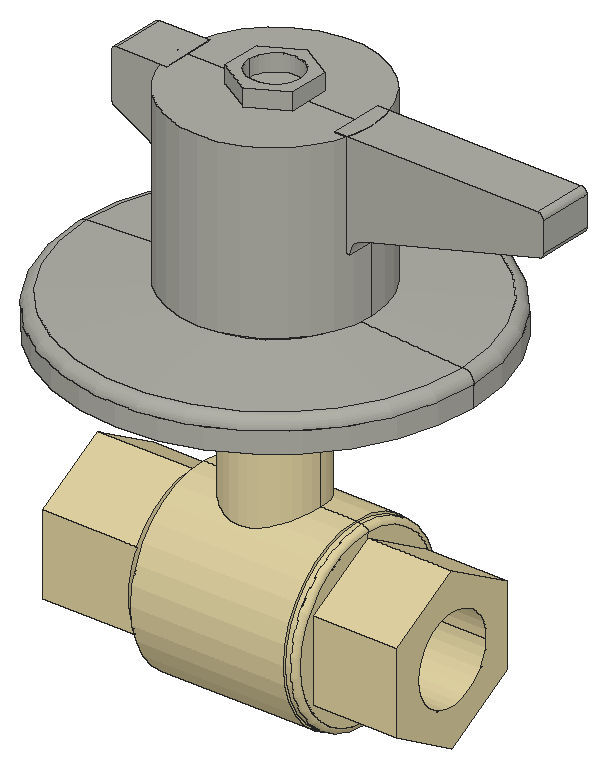
Revit family "QP06100000", category Apparecchi idraulici, Revit 2020
Family settings
  Quota connettore circolare = Usa diametro
  Tipo di parte = Normale
  Numero OmniClass = 23.45.00.00
  Titolo OmniClass = Sanitary, Laundry, and Cleaning Equipment
  Basato su piano di lavoro = No
  Sempre verticale = Sì
  Taglio con vuoti quando caricato = No
  Condiviso = No
  Punto di calcolo locali = No
Parameters
  URL = "https://web.cimberio.com/index.php/figura/290?subcategoria_id=95758"
  Temperatura di esercizio = "-20 ÷ 60°C"
  Prospetto di default = 0 mm
  Produttore = "CIMBERIO SPA"
  Pressione nominale = "MOP 5"
  Modello = "Cim 28G"
  Materiale = "Prodotto in lega di ottone conforme alla norma EN 12165-CW617N-DW"
  Descrizione = "Utilizzato nell’impiantistica distributiva di gas a bassa pressione per le categorie:\r\nGas naturali: gas derivati dal petrolio (Metano) e gas di ricambio.\r\nGas di città: prodotti secondo i diversi procedimenti (Cracking - Cokerie - ecc.).\r\nGas liquidi: propano e miscele di gas propano/butano"
  DN Model [instance] = QP06101015 : QP06101015
  DN [instance] = 15 mm
  Commenti sul tipo = "Realizzato in ottemperanza ai requisiti gestionali della norma EN ISO 9001.\r\nCollaudato al 100% secondo la normativa EN 12266-1"
Reference planes
  plane 1 "Centro (Fronte/Retro)": y = 0
  plane 2: z = 0
  plane 3 "Centro (Sinistra/Destra)": x = 0
Dimensions and locks
  aligned and locked: level to plane 2
Nested families
  nested 1: "QP06101015" at (0, 0, 0), type <- "DN Model", type "QP06101015"
  nested 2: "QP06101015" at (0, 0, 0), type <- "DN Model", type "QP06101015"
  nested 3: "QP06101015" at (0, 0, 0), type <- "DN Model", type "QP06101015"
  nested 4: "QP06101015" at (0, 0, 0), type <- "DN Model", type "QP06101015"
Connectors
  piping at (31.15, 0, 0), diameter 15, driven by "DN"
    settings: on nested 1, index 1, connector inside diameter 609.6 mm, connector length 0 mm, flow factor 0, pipe flow 0.0 L/s, pressure drop 0.0 Pa, fitting loss kfactor 0, connector angle 0.00°, fixture units 0, engagement length 0 mm, angle of deflection 0.00°, flow configuration 0, flow direction 0, fitting loss method 0, system type 7, joint type 0, gender type 0, connector reference index -1, connector utility 0, adjustable connector no, is connector primary yes, connector description ""
  piping at (-31.15, 0, 0), diameter 15, driven by "DN"
    settings: on nested 1, index 2, connector inside diameter 609.6 mm, connector length 0 mm, flow factor 0, pipe flow 0.0 L/s, pressure drop 0.0 Pa, fitting loss kfactor 0, connector angle 0.00°, fixture units 0, engagement length 0 mm, angle of deflection 0.00°, flow configuration 0, flow direction 0, fitting loss method 0, system type 7, joint type 0, gender type 0, connector reference index -1, connector utility 0, adjustable connector no, is connector primary no, connector description ""
Definition of nested family "QP06101015"
  Parameters (values of type "QP06101015")
    Default Elevation = 0 mm
  Reference planes
    plane 1 "Centro (Fronte/Retro)": y = 0
    plane 2: z = 0
    plane 3 "Centro (Sinistra/Destra)": x = 0
  Forms (mm)
    Extrusion 1, solid
      sketch origin (0, 0, 0) x (0, 1, 0) y (0, 0, 1)
        loop
          circle (0, 0) r 7.5
        loop
          line (0, 14) -> (-12.124, 7) -> (-12.124, -7) -> (0, -14) -> (12.124, -7) -> (12.124, 7) -> (0, 14)
      from -31.15 to -12.5
    Revolve 2, solid
      sketch origin (0, 0, 0) x (1, 0, 0) y (0, 0, 1)
        loop
          arc (16.35, 14.75) -> (16.057, 15.457) -> (15.35, 15.75) r 1
          line (15.35, 15.75) -> (14.35, 15.75) -> (14.35, 7.5) -> (16.35, 7.5) -> (16.35, 14.75)
        axis (14.35, 0) -> (16.35, 0)
      angle from 0 to 360
    Revolve 3, solid
      sketch origin (0, 0, 3) x (1, 0, 0) y (0, 0, 1)
        loop
          line (-5, 38.413) -> (-16.156, 38.413) -> (-14.45, 35) -> (-10, 35)
          arc (-10, 35) -> (-8.586, 34.414) -> (-8, 33) r 2
          line (-8, 33) -> (-8, 8) -> (-5, 8) -> (-5, 38.413)
        axis (0, 38.413) -> (0, 8)
      angle from 0 to 360
    Extrusion 4, solid
      sketch origin (0, 0, 0) x (0, 1, 0) y (0, 0, -1)
        loop
          circle (0, 0) r 7.5
        loop
          line (0, -14) -> (12.124, -7) -> (12.124, 7) -> (0, 14) -> (-12.124, 7) -> (-12.124, -7) -> (0, -14)
      from -31.15 to -16.35
    Revolve 5, solid
      sketch origin (0, 0, 0) x (1, 0, 0) y (0, 0, 1)
        loop
          line (14.35, 16) -> (-12.5, 16) -> (-14.5, 14) -> (-14.5, 7.5) -> (14.35, 7.5) -> (14.35, 16)
        axis (-14.5, 0) -> (14.35, 0)
      angle from 0 to 360
    Revolve 6, solid
      sketch origin (0, 0, -4.478) x (1, 0, 0) y (0, 0, 1)
        loop
          arc (-33.058, 51.101) -> (-34.435, 50.496) -> (-35, 49.102) r 2
          line (-35, 49.102) -> (-35, 45.48) -> (0, 45.48) -> (0, 83.602) -> (-17, 83.602) -> (-17, 53.602) -> (-14.5, 53.602) -> (-14.5, 52.056) -> (-33.058, 51.101)
        axis (0, 83.602) -> (0, 45.48)
      angle from 0 to 360
    Extrusion 7, solid
      sketch origin (0, 0, 0.124) x (1, 0, 0) y (0, 0, 1)
        loop
          arc (-24, 79) -> (-24.707, 78.707) -> (-25, 78) r 1
          line (-25, 78) -> (-25, 70.577)
          arc (-25, 70.577) -> (-24.866, 70.077) -> (-24.5, 69.711) r 1
          line (-24.5, 69.711) -> (-18.5, 66.247)
          arc (-18.5, 66.247) -> (-17.392, 65.132) -> (-17, 63.609) r 3
          line (-17, 63.609) -> (-15.29, 63.609) -> (-15.29, 79) -> (-24, 79)
      from -4.744 to 4.66
    Extrusion 8, solid
      sketch origin (0, 0, 0.124) x (1, 0, 0) y (0, 0, 1)
        loop
          line (14.258, 79) -> (14.258, 60.584) -> (17, 60.584)
          arc (17, 60.584) -> (17.619, 62.412) -> (19.224, 63.485) r 3
          line (19.224, 63.485) -> (50.259, 71.801)
          arc (50.259, 71.801) -> (50.793, 72.158) -> (51, 72.767) r 1
          line (51, 72.767) -> (51, 78)
          arc (51, 78) -> (50.707, 78.707) -> (50, 79) r 1
          line (50, 79) -> (14.258, 79)
      from -4.744 to 4.66
    Extrusion 9, solid
      sketch origin (0, 0, 0.124) x (1, 0, 0) y (0, 1, 0)
        loop
          line (-6, 3.464) -> (-6, -3.464) -> (0, -6.928) -> (6, -3.464) -> (6, 3.464) -> (0, 6.928) -> (-6, 3.464)
        loop
          circle (0, 0) r 4.5
      from 79 to 81.944
  Dimensions and locks
    aligned and locked: level to plane 2
